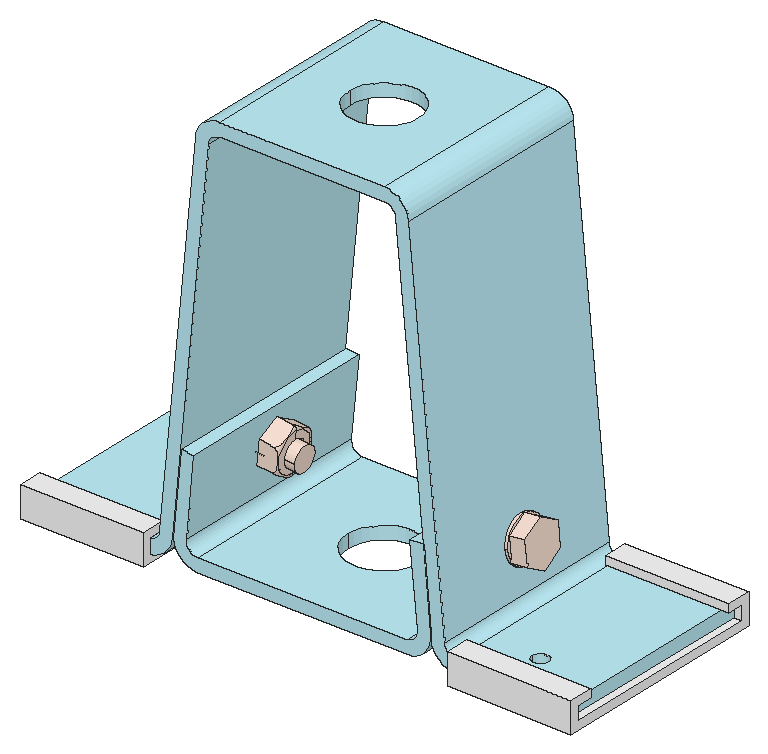
Revit family "スタンダードスタンド　H=100", category 機械設備, Revit 2020
Family settings
  丸型コネクタ寸法 = 直径を使用
  種別 = なし
  パーツ タイプ = 標準
  作業面ベース = いいえ
  常に垂直 = はい
  ロード時にボイドで切り取り = いいえ
  共有 = いいえ
  部屋計算ポイント = いいえ
Parameters
  製造元 = "株式会社桐井製作所"
  既定の高さ = 0 mm
  URL = "https://www.kirii.co.jp/"
  K_表面処理 = "Z12以上"
  K_材質 = "溶融亜鉛めっき鋼板及び鋼帯及び鋼帯 JIS G 3302"
  K_名称 = "スタンド (スタンダードタイプ用)H=100"
  K_単位質量(kg/個) = 0.531
  K_備考 = "ボルト長さ300mmまで対応"
  K_バージョン情報 = "20221219"
Reference planes
  plane 1 "中心(正面/背面)": y = 0
  plane 2: z = 0
  plane 3 "中心(左/右)": x = 0
Forms (mm)
  Extrusion 1, solid
    sketch origin (0, 0, 0) x (1, 0, 0) y (0, 0, 1)
      loop
        arc (-20.028, 102.001) -> (-24.061, 100.444) -> (-26, 96.581) r 6
        line (-26, 96.581) -> (-34.644, 7.729)
        arc (-34.644, 7.729) -> (-35.549, 5.926) -> (-37.431, 5.2) r 2.8
        line (-37.431, 5.2) -> (-65, 5.2) -> (-65, 2) -> (-37.431, 2)
        arc (-37.431, 2) -> (-33.399, 3.557) -> (-31.459, 7.419) r 6
        line (-31.459, 7.419) -> (-22.815, 96.272)
        arc (-22.815, 96.272) -> (-21.91, 98.074) -> (-20.028, 98.8) r 2.8
        line (-20.028, 98.8) -> (20.028, 98.8)
        arc (20.028, 98.8) -> (21.91, 98.074) -> (22.815, 96.272) r 2.8
        line (22.815, 96.272) -> (31.459, 7.419)
        arc (31.459, 7.419) -> (33.399, 3.557) -> (37.431, 2) r 6
        line (37.431, 2) -> (65, 2) -> (65, 5.2) -> (37.431, 5.2)
        arc (37.431, 5.2) -> (35.549, 5.926) -> (34.644, 7.729) r 2.8
        line (34.644, 7.729) -> (26, 96.581)
        arc (26, 96.581) -> (24.061, 100.444) -> (20.028, 102.001) r 6
        line (20.028, 102.001) -> (-20.028, 102.001)
    from -25 to 25
  Extrusion 2, solid
    sketch origin (0, 0, 0) x (0, 1, 0) y (0, 0, 1)
      loop
        line (-21, 7.4) -> (-27, 7.4) -> (-27, 0) -> (27, 0) -> (27, 7.4) -> (21, 7.4) -> (21, 5.4) -> (25, 5.4) -> (25, 2) -> (-25, 2) -> (-25, 5.4) -> (-21, 5.4) -> (-21, 7.4)
    from -67 to -37
  Extrusion 3, solid
    sketch origin (99, 0, 0) x (0, 1, 0) y (0, 0, 1)
      loop
        line (-21, 7.4) -> (-27, 7.4) -> (-27, 0) -> (27, 0) -> (27, 7.4) -> (21, 7.4) -> (21, 5.4) -> (25, 5.4) -> (25, 2) -> (-25, 2) -> (-25, 5.4) -> (-21, 5.4) -> (-21, 7.4)
    from -62 to -32
  Extrusion 4, void
    sketch origin (0, 0, 0) x (1, 0, 0) y (0, 1, 0)
      loop
        circle (0, 0) r 8.5
    from 98.8 to 102.001
  Extrusion 5, solid
    sketch origin (0, 0, 0) x (1, 0, 0) y (0, 0, 1)
      loop
        line (29.506, 27.498) -> (26.321, 27.188) -> (28.161, 8.271)
        arc (28.161, 8.271) -> (27.448, 6.118) -> (25.374, 5.2) r 2.8
        line (25.374, 5.2) -> (-25.374, 5.2)
        arc (-25.374, 5.2) -> (-27.448, 6.118) -> (-28.161, 8.271) r 2.8
        line (-28.161, 8.271) -> (-26.321, 27.188) -> (-29.506, 27.498) -> (-31.346, 8.581)
        arc (-31.346, 8.581) -> (-29.817, 3.968) -> (-25.374, 2) r 6
        line (-25.374, 2) -> (25.374, 2)
        arc (25.374, 2) -> (29.817, 3.968) -> (31.346, 8.581) r 6
        line (31.346, 8.581) -> (29.506, 27.498)
    from -25 to 25
  Extrusion 6, void
    sketch origin (20.085, 0, 2.007) x (0, 1, 0) y (-0.096824, 0, 0.995302)
      loop
        circle (0, 15.811) r 3.5
    from 11.844 to 15.044
  Extrusion 7, void
    sketch origin (16.777, 0, 1.833) x (0, 1, 0) y (-0.096824, 0, 0.995302)
      loop
        circle (0, 15.811) r 3.5
    from 11.953 to 15.154
  Extrusion 8, void
    sketch origin (-16.777, 0, 1.833) x (0, 1, 0) y (-0.096824, 0, -0.995302)
      loop
        circle (0, -15.811) r 3.5
    from 11.953 to 15.154
  Extrusion 9, void
    sketch origin (-20.085, 0, 2.007) x (0, 1, 0) y (-0.096824, 0, -0.995302)
      loop
        circle (0, -15.811) r 3.5
    from 11.844 to 15.044
  Extrusion 10, void
    sketch origin (0, 0, 0) x (1, 0, 0) y (0, 1, 0)
      loop
        circle (-50, 15) r 2
      loop
        circle (50, -15) r 2
    from 0 to 5.4
  Extrusion 11, void
    sketch origin (0, 0, 0) x (1, 0, 0) y (0, 1, 0)
      loop
        circle (0, 0) r 8.9
    from 2 to 5.2
Cuts and joins
  Extrusion 4, Extrusion 6, Extrusion 7, Extrusion 9, Extrusion 10 cuts Extrusion 1
  Extrusion 7, Extrusion 8, Extrusion 11 cuts Extrusion 5
  Extrusion 10 cuts Extrusion 2
  Extrusion 10 cuts Extrusion 3
Dimensions and locks
  aligned and locked: level to plane 2
Nested families
  nested 1: "ナットボルト" at (-38.349, 0.063, 19.669) x (0, 1, 0) z (-0.0968, 0, -0.9953), type "ナットボルト"
  nested 2: "ナットボルト" at (38.505, 0.063, 19.684) x (0, 1, 0) z (0.0968, 0, -0.9953), type "ナットボルト"
  nested 3: "ナット(床)" at (-27.144, 0.313, 18.728) x (-0.0968, 0, -0.9953) z (0.9953, 0, -0.0968), type "ナット(床)"
  nested 4: "ナット(床)" at (27.144, 0, 18.728) x (0.0968, 0, -0.9953) z (-0.9953, 0, -0.0968), type "ナット(床)"
Definition of nested family "ナットボルト"
  Parameters (values of type "ナットボルト")
    Manufacturer = "株式会社桐井製作所"
    Default Elevation = 0 mm
    URL = "https://www.kirii.co.jp/"
    K_材料規格 = "M10×L25"
    K_品名 = "M10×25ボルト"
    K_名称 = "M10×25ボルト"
  Reference planes
    plane 1 "中心(正面/背面)": y = 0
    plane 2: z = 0
    plane 3 "中心(左/右)": x = 0
    plane 4 "正面": y = -4
    plane 5: z = 6.928
    plane 6: z = -6.928
  Forms (mm)
    Extrusion 1, solid
      sketch origin (0, 0, 0) x (1, 0, 0) y (0, 0, 1)
        loop
          line (4.98, 2.875) -> (0, 5.75) -> (-4.98, 2.875) -> (-4.98, -2.875) -> (0, -5.75) -> (4.98, -2.875) -> (4.98, 2.875)
      from 0 to 4
    Extrusion 2, solid
      sketch origin (0, 0, 25.676) x (1, 0, 0) y (0, 0, 1)
        loop
          circle (0, -25.676) r 3
      from 4 to 19
    Extrusion 3, solid
      sketch origin (0, 0, 0) x (1, 0, 0) y (0, 0, 1)
        loop
          circle (0, 0) r 5.5
      from 4 to 5
  Cuts and joins
    joined: Extrusion 1, Extrusion 2
  Lines and regions (mm)
    model lines
      curve 1: circle (0, 0, 0) r 3 normal (0, -1, 0)
  Dimensions and locks
    aligned and locked: level to plane 2
Definition of nested family "ナット(床)"
  Parameters (values of type "ナット(床)")
    Default Elevation = 1219.2 mm
  Reference planes
    plane 1 "中心(正面/背面)": y = 0
    plane 2: z = 0
    plane 3 "中心(左/右)": x = 0
  Forms (mm)
    Extrusion 1, solid
      sketch origin (0, 0, 0) x (1, 0, 0) y (0, 1, 0)
        loop
          line (-55, 45) -> (-55, -45.273) -> (55.986, -45.273) -> (55.986, 45) -> (-55, 45)
      from 0 to -304.8
    Revolve 2, solid
      sketch origin (0, 0, 2.36) x (1, 0, 0) y (0, 0, 1)
        loop
          line (4.792, 2.64) -> (3, 2.64) -> (3, -2.36) -> (5.818, -2.36) -> (5.818, 1.64)
          arc (5.818, 1.64) -> (5.516, 2.356) -> (4.792, 2.64) r 1
        axis (0, 2.64) -> (0, -2.36)
      angle from 0 to 360
    Extrusion 3, void
      sketch origin (0, 0, 0) x (1, 0, 0) y (0, 1, 0)
        loop
          circle (0, 0) r 6
        loop
          line (5.818, 0) -> (2.909, 5.038) -> (-2.909, 5.038) -> (-5.818, 0) -> (-2.909, -5.038) -> (2.909, -5.038) -> (5.818, 0)
      from 0 to 5
  Cuts and joins
    Extrusion 3 cuts Revolve 2
  Dimensions and locks
    aligned and locked: plane 2 to Extrusion 1
    aligned and locked: level to Extrusion 1
